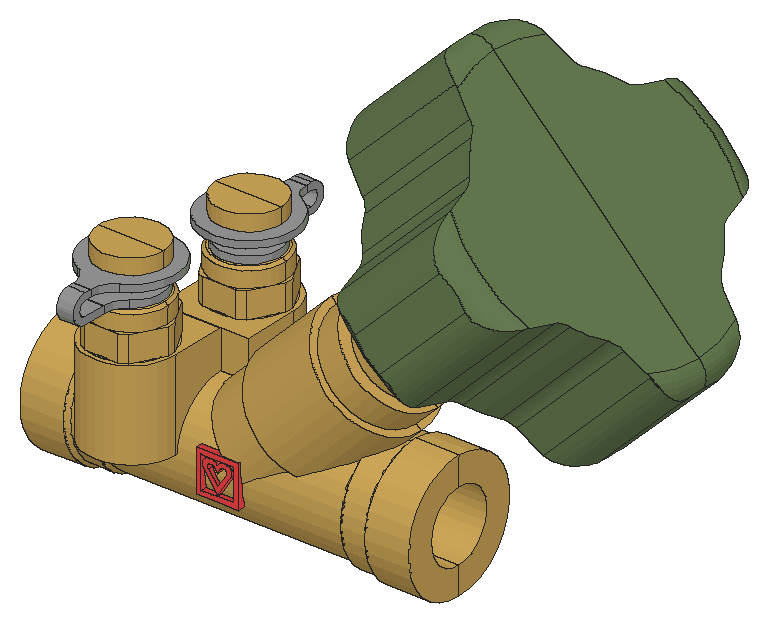
Revit family "Strangregulierventil mit Messblende für Trinkwasseranlagen 4017 MW", category Rohrzubehör, Revit 2018
Family settings
  Bemaßung runder Anschluss = Durchmesser verwenden
  Teiletyp = Unterbricht
  OmniClass-Nummer = 23.65.55.14
  OmniClass-Titel = Valves for Liquid Services
  Arbeitsebenenbasiert = Nein
  Immer vertikal = Ja
  Beim Laden mit Abzugskörper schneiden = Nein
  Gemeinsam genutzt = Nein
Parameters
  kvs-Wert [instance] = if(Nennweite = 15.000 mm, 2, if(Nennweite = 20.000 mm, 3.6, if(Nennweite = 25.000 mm, 6.5, if(Nennweite = 32.000 mm, 13.3, if(Nennweite = 40.000 mm, 18.5, if(Nennweite = 50.000 mm, 33, 0))))))  # 2
  kv-Wert der Blende [instance] = if(Nennweite = 15.000 mm, 1.95, if(Nennweite = 20.000 mm, 3.95, if(Nennweite = 25.000 mm, 7.9, if(Nennweite = 32.000 mm, 15.75, if(Nennweite = 40.000 mm, 21.5, if(Nennweite = 50.000 mm, 46.7, 0))))))  # 1.95
  W01 = 45.00°  # constant formula
  URL = "www.herz-armaturen.at"
  SW01 = 60.00°  # constant formula
  SCRNSEQ = "FW;SBT_TYP_FW=\"109\";2"
  SCRNCODE = "04;00;02"  # constant formula
  S03 = 60.000 mm  # constant formula
  S02 [instance] = L04 + L06 + L07  # 76.800 mm
  S01 [instance] = D01 * 2  # 27.000 mm
  R03 = 21.500 mm  # constant formula
  R02 = 9.500 mm  # constant formula
  R01 = 12.000 mm  # constant formula
  O-Ringe = "EPDM"  # constant formula
  Medium = "Trinkwasser"  # constant formula
  L10 [instance] = size_lookup("4017_MW_", "L10", 1.000 mm, Nennweite)  # 28.500 mm
  L09 [instance] = size_lookup("4017_MW_", "L9", 1.000 mm, Nennweite)  # 22.500 mm
  L08 [instance] = size_lookup("4017_MW_", "L8", 1.000 mm, Nennweite)  # 12.700 mm
  L07 [instance] = size_lookup("4017_MW_", "L7", 1.000 mm, Nennweite)  # 35.100 mm
  L06 [instance] = size_lookup("4017_MW_", "L6", 1.000 mm, Nennweite)  # 6.500 mm
  L05 [instance] = size_lookup("4017_MW_", "L5", 1.000 mm, Nennweite)  # 20.200 mm
  L04 [instance] = size_lookup("4017_MW_", "L4", 1.000 mm, Nennweite)  # 35.200 mm
  L03 [instance] = size_lookup("4017_MW_", "L3", 1.000 mm, Nennweite)  # 1.000 mm
  Hinweis = "Gemäß Art 33 der REACH-Verordnung (EG Nr. 1907/2006) sind wir verpflichtet, darauf hinzuweisen, dass der Stoff Blei auf der SVHC-Liste geführt wird und dass alle aus Messing bestehenden Bauteile, die in unseren Erzeugnissen verarbeitet sind, mehr als 0,1 % (w/w) Blei (CAS: 7439-92-1 / EINECS: 231-100-4) enthalten.\r\nDa Blei als Legierungsbestandteil fest gebunden ist, sind keine Expositionen zu erwarten und daher sind keine zusätzlichen Angaben zur sicheren Verwendung notwendig."
  Handrad = "Kunststoff, grün"  # constant formula
  H03 [instance] = H01 - 19.000 mm  # 1.000 mm
  H02 = 13.000 mm  # constant formula
  Gehäuse = "entzinkungsbeständiges Messing (DZR)"  # constant formula
  E01 [instance] = L00 / -2  # -41.500 mm
  E00 = 0.000 mm  # constant formula
  D09 [instance] = size_lookup("4017_MW_", "D9", 1.000 mm, Nennweite)  # 11.750 mm
  D08 [instance] = size_lookup("4017_MW_", "D8", 1.000 mm, Nennweite)  # 9.500 mm
  D07 [instance] = size_lookup("4017_MW_", "D7", 1.000 mm, Nennweite)  # 12.000 mm
  D06 [instance] = size_lookup("4017_MW_", "D6", 1.000 mm, Nennweite)  # 13.500 mm
  D05 [instance] = size_lookup("4017_MW_", "D5", 1.000 mm, Nennweite)  # 12.500 mm
  D04 [instance] = Nennweite / 2  # 7.500 mm
  IG [instance] = Nennweite / 2  # 7.500 mm
  D03 [instance] = size_lookup("4017_MW_", "D3", 1.000 mm, Nennweite)  # 11.900 mm
  D02 [instance] = size_lookup("4017_MW_", "D2", 1.000 mm, Nennweite)  # 12.700 mm
  D01 [instance] = size_lookup("4017_MW_", "D1", 1.000 mm, Nennweite)  # 13.500 mm
  Nennweite [instance] = 15.000 mm
  Max. Differenzdruck bei geschlossenen Sitz = 1000000.0 Pa  # constant formula
  Max. Betriebstemperatur bei 10 bar = 85 °C  # constant formula
  Max. Betriebsdruck bei 20°C = 2000000.0 Pa  # constant formula
  L02 [instance] = size_lookup("4017_MW_", "L2", 1.000 mm, Nennweite)  # 5.000 mm
  L01 [instance] = size_lookup("4017_MW_", "L1", 1.000 mm, Nennweite)  # 9.250 mm
  L00 [instance] = size_lookup("4017_MW_", "L", 1.000 mm, Nennweite)  # 83.000 mm
  Hersteller = "HERZ Armaturen Ges.m.b.H."  # constant formula
  H01 [instance] = size_lookup("4017_MW_", "H1", 1.000 mm, Nennweite)  # 20.000 mm
  GT [instance] = size_lookup("4017_MW_", "GT", 1.000 mm, Nennweite)  # 13.200 mm
  DN50 [instance] = Nennweite = 50.000 mm  # no
  DN40 [instance] = Nennweite = 40.000 mm  # no
  DN32 [instance] = Nennweite = 32.000 mm  # no
  DN25 [instance] = Nennweite = 25.000 mm  # no
  DN20 [instance] = Nennweite = 20.000 mm  # no
  DN15 [instance] = Nennweite = 15.000 mm  # yes
  Bestellnummer [instance] = size_lookup("4017_MW_", "Artnr", 0, Nennweite)  # 2401701
  Ausführung = "Nach Norm BS 7350 PN20 Serie B\r\nSchrägsitzregulierventil aus Kupferlegierung.\r\nAlle wasserberührten Metallteile sind aus entzinkungsbeständiger Kupferlegierung hergestellt.\r\nDie Oberteile sind mit nichtsteigender Spindel ausgestattet."
  Anwendungsgebiet = "Zum Absperren und Regulieren von Trinkwasseranlagen in Gebäuden bzw. zum hydraulischen Abgleich von Versorgungsleitungen."
Reference planes
  plane 1 "Mitte (Vorne/hinten)": y = 0
  plane 2: z = 0
  plane 3 "Mitte (Links/rechts)": x = 0
Forms (mm)
  Revolve 1, solid, material "Messing, weicher Gelbton, geschweißt", detail levels fine
    sketch origin (470, 0, 0) x (1, 0, 0) y (0, 0, 1)
      loop
        line (-511.5, 7.5) -> (-498.3, 7.5) -> (-498.3, 0) -> (-441.7, 0) -> (-441.7, 7.5) -> (-428.5, 7.5) -> (-428.5, 13.5) -> (-437.75, 13.5) -> (-438.55, 12.7) -> (-443.55, 12.7) -> (-444.35, 11.9) -> (-495.65, 11.9) -> (-496.45, 12.7) -> (-501.45, 12.7) -> (-502.25, 13.5) -> (-511.5, 13.5) -> (-511.5, 7.5)
      axis (-511.5, 0) -> (-428.5, 0)
    angle from 0 to 360
  Revolve 2, solid, material "Messing, weicher Gelbton, geschweißt", detail levels fine
    sketch origin (0.32, 0, -0.105) x (1, 0, 0) y (0, 0, 1)
      loop
        line (-1.32, 0.105) -> (52.986, 54.411) -> (44.677, 62.719) -> (35.697, 53.739) -> (37.288, 52.148) -> (21.449, 36.309) -> (19.681, 38.076) -> (15.085, 33.48) -> (14.024, 34.541) -> (-0.259, 20.257) -> (0.448, 19.55) -> (-7.098, 12.005) -> (-6.623, 5.408) -> (-1.32, 0.105)
      axis (-1.32, 0.105) -> (52.986, 54.411)
    angle from 0 to 360
  Extrusion 3, solid, material "Messing, weicher Gelbton, geschweißt", detail levels fine
    sketch origin (0, 0, 0) x (1, 0, 0) y (0, 1, 0)
      loop
        arc (-28.5, -12) -> (-19, -21.5) -> (-9.5, -12) r 9.5
        line (-9.5, -12) -> (-9.5, 0) -> (-28.5, 0) -> (-28.5, -12)
    from 1 <- "H03" to 20 <- "H01"
  Extrusion 4, solid, material "Messing, weicher Gelbton, geschweißt", detail levels fine
    sketch origin (0, 0, 0) x (1, 0, 0) y (0, 1, 0)
      loop
        line (-22.5, 12) -> (-22.5, 0) -> (-3.5, 0) -> (-3.5, 12)
        arc (-3.5, 12) -> (-13, 21.5) -> (-22.5, 12) r 9.5
    from 0 to 20 <- "H01"
Lines and regions (mm)
  model lines, detail levels coarse+medium
    curve 1: line (-41.5, 0, 13.5) -> (-41.5, 0, -13.5)
    curve 2: line (-41.5, 0, -13.5) -> (41.5, 0, 13.5)
    curve 3: line (41.5, 0, 13.5) -> (41.5, 0, -13.5)
    curve 4: line (41.5, 0, -13.5) -> (-41.5, 0, 13.5)
    curve 5: line (0, 0, 0) -> (38.4, 0, 66.511)
    curve 6: line (12.419, 0, 81.511) -> (64.381, 0, 51.511)
    curve 7: line (-41.5, -13.5, 0) -> (-41.5, 13.5, 0)
    curve 8: line (-41.5, 13.5, 0) -> (41.5, -13.5, 0)
    curve 9: line (41.5, -13.5, 0) -> (41.5, 13.5, 0)
    curve 10: line (41.5, 13.5, 0) -> (-41.5, -13.5, 0)
    curve 11: line (0, 0, 0) -> (38.4, 66.511, 0)
    curve 12: line (12.419, 81.511, 0) -> (64.381, 51.511, 0)
Dimensions and locks
  "L00": Revolve 1 sketch curve to Revolve 1 sketch curve
  equal spacing: Revolve 1 sketch curve, plane 3 "Mitte (Links/rechts)", Revolve 1 sketch curve
  "D01": Revolve 1 sketch curve to Revolve 1 sketch curve  (x2)
  "GT": Revolve 1 sketch curve to Revolve 1 sketch curve  (x2)
  "D06": Revolve 2 sketch curve to Revolve 2 sketch curve
  "D07": Revolve 2 sketch curve to Revolve 2 sketch curve
  "D08": Revolve 2 sketch curve to Revolve 2 sketch curve
  "D09": Revolve 2 sketch curve to Revolve 2 sketch curve
  equal spacing: curve 1, plane 3 "Mitte (Links/rechts)", curve 3
  "L00": curve 1 to curve 3
  equal spacing: curve 4, plane 2, curve 2
  "S01": curve 4 to curve 1
  "S01": curve 3 to curve 4
  equal spacing: curve 3, plane 2, curve 4
  "S02": curve 5 to curve 5
  equal spacing: curve 6, curve 5, curve 6
  "S03": curve 6 to curve 6
  equal spacing: curve 7, plane 3 "Mitte (Links/rechts)", curve 9
  "L00": curve 7 to curve 9
  equal spacing: curve 10, plane 1 "Mitte (Vorne/hinten)", curve 8
  "S01": curve 8 to curve 10
  equal spacing: curve 9, plane 1 "Mitte (Vorne/hinten)", curve 10
  "S01": curve 10 to curve 9
  "S02": curve 11 to curve 11
  equal spacing: curve 12, curve 11, curve 12
  "S03": curve 12 to curve 12
  "L01": Revolve 1 sketch curve to Revolve 1 sketch curve  (x2)
  "D02": Revolve 1 sketch curve to plane 2  (x2)
  "D03": Revolve 1 sketch curve to plane 2
  "IG": Revolve 1 sketch curve to plane 2  (x2)
  "L02": Revolve 1 sketch curve to Revolve 1 sketch curve  (x2)
  "L04": Revolve 2 sketch curve to Revolve 2 sketch curve
  "L05": Revolve 2 sketch curve to Revolve 2 sketch curve
  "D03": Revolve 2 sketch curve to plane 2
  "L06": Revolve 2 sketch curve to Revolve 2 sketch curve
  "L08": Revolve 2 sketch curve to Revolve 2 sketch curve
  "L07": Revolve 2 sketch curve to Revolve 2 sketch curve
  "D04": Revolve 2 sketch curve to Revolve 2 sketch curve
  "D05": Revolve 2 sketch curve to Revolve 2 sketch curve
  "L03": plane 3 "Mitte (Links/rechts)" to Revolve 2 sketch curve  (x2)
  "D03": nested 1 to plane 1 "Mitte (Vorne/hinten)"
  "L09": Revolve 1 to Extrusion 3 sketch curve
  "R01": Extrusion 3 sketch curve to plane 1 "Mitte (Vorne/hinten)"
  "R01": plane 1 "Mitte (Vorne/hinten)" to Extrusion 4 sketch curve
  "L10": Revolve 1 to Extrusion 4 sketch curve
  "H01": nested 3 to plane 2
  "H01": nested 2 to plane 2
  "R01": nested 3 to plane 1 "Mitte (Vorne/hinten)"
  "R01": plane 1 "Mitte (Vorne/hinten)" to nested 2
  "L10": Revolve 1 to nested 2
  "L09": Revolve 1 to nested 3
  "R02": radius of Extrusion 3 sketch curve
  "R02": radius of Extrusion 4 sketch curve
  "W01": angle level to Revolve 2 sketch curve
  "SW01": angle plane 2 to curve 5
  "SW01": angle plane 1 "Mitte (Vorne/hinten)" to curve 11
  "W01": angle Revolve 1 sketch curve to Revolve 1 sketch curve  (x4)
  "W01": angle plane 2 to Revolve 2 sketch curve
  aligned and locked: level to plane 2
Automatic sketch dimensions
  curve 5 to level = 0.000 mm
  plane 1 "Mitte (Vorne/hinten)" to curve 11 = 0.000 mm
  Revolve 1 sketch curve to level = 0.000 mm  (x2)
  Revolve 1 sketch curve to Revolve 1 sketch curve = 791.990 mm
  Revolve 1 sketch curve to Revolve 1 sketch curve = 2278.983 mm
  Revolve 2 sketch curve to level = 0.000 mm  (x2)
  plane 1 "Mitte (Vorne/hinten)" to Extrusion 3 sketch curve = 0.000 mm
  plane 1 "Mitte (Vorne/hinten)" to Extrusion 4 sketch curve = 0.000 mm
Nested families
  nested 1: "Herz-Logo-vorne" at (0, -11.9, 0) x (0, 1, 0) z (0, 0, 1), type "Herz-Logo-vorne", detail levels fine
  nested 2: "Messstutzen_Band_Austritt_senkrecht_(oben)" at (-13, 12, 2.5), type "Messstutzen_Band_Austritt_senkrecht_(oben)"
    with Schutzkappe yes, Nennweite 0.000 mm, Gewicht 0.00 kg, Bestellnummer 0
  nested 3: "Messstutzen_Band_Eintritt_senkrecht_(oben)" at (-19, -12, 2.5) x (-1, 0, 0) z (0, 0, 1), type "Messstutzen_Band_Eintritt_senkrecht_(oben)"
    with Schutzkappe yes, Nennweite 0.000 mm, Gewicht 0.00 kg, Bestellnummer 0
  nested 4: "Strangregulierventil-Handrad (Grün) DN15-DN32" at (53.306, 0, 54.306), visible <- "DN15", type "Strangregulierventil-Handrad (Grün) DN15-DN32"
    with Nennweite 0.000 mm, Gewicht 0.00 kg, Bestellnummer 0
  nested 5: "Strangregulierventil-Handrad (Grün) DN15-DN32" at (55.846, 0, 56.846), visible <- "DN20", type "Strangregulierventil-Handrad (Grün) DN15-DN32"
    with Nennweite 0.000 mm, Gewicht 0.00 kg, Bestellnummer 0
  nested 6: "Strangregulierventil-Handrad (Grün) DN15-DN32" at (64.569, 0, 70.069), visible <- "DN25", type "Strangregulierventil-Handrad (Grün) DN15-DN32"
    with Nennweite 0.000 mm, Gewicht 0.00 kg, Bestellnummer 0
  nested 7: "Strangregulierventil-Handrad (Grün) DN15-DN32" at (67.426, 0, 76.226), visible <- "DN32", type "Strangregulierventil-Handrad (Grün) DN15-DN32"
    with Nennweite 0.000 mm, Gewicht 0.00 kg, Bestellnummer 0
  nested 8: "Strangregulierventil-Handrad (Grün) DN40-DN50" at (76.747, 0, 88.247), visible <- "DN40", type "Strangregulierventil-Handrad (Grün) DN40-DN50"
    with Nennweite 0.000 mm, Gewicht 0.00 kg, Bestellnummer 0
  nested 9: "Strangregulierventil-Handrad (Grün) DN40-DN50" at (75.124, 0, 91.924), visible <- "DN50", type "Strangregulierventil-Handrad (Grün) DN40-DN50"
    with Nennweite 0.000 mm, Gewicht 0.00 kg, Bestellnummer 0
Connectors
  piping at (-28.3, 0, 0), diameter 15, driven by "Nennweite"
    settings: on Revolve 1, index 1, connector inside diameter 609.6 mm, connector length 0.000 mm, flow factor 0, pipe flow 0.0 L/s, pressure drop 0.0 Pa, fitting loss kfactor 0, connector angle 0.00°, fixture units 0, engagement length 0.000 mm, angle of deflection 0.00°, flow configuration 0, flow direction 1, fitting loss method 0, system type 29, joint type 0, gender type 0, connector reference index -1, connector utility 0, adjustable connector no, is connector primary yes, connector description ""
  piping at (28.3, 0, 0), diameter 15, driven by "Nennweite"
    settings: on Revolve 1, index 2, connector inside diameter 609.6 mm, connector length 0.000 mm, flow factor 0, pipe flow 0.0 L/s, pressure drop 0.0 Pa, fitting loss kfactor 0, connector angle 0.00°, fixture units 0, engagement length 0.000 mm, angle of deflection 0.00°, flow configuration 0, flow direction 2, fitting loss method 0, system type 29, joint type 0, gender type 0, connector reference index -1, connector utility 0, adjustable connector no, is connector primary no, connector description ""
Definition of nested family "Herz-Logo-vorne"
  Reference planes
    plane 1 "Mitte (Vorne/hinten)": y = 0
    plane 2: z = 0
    plane 3 "Mitte (Links/rechts)": x = 0
  Forms (mm)
    Extrusion 1, solid
      sketch origin (0.732, -0.018, 0.017) x (0, -1, 0) y (0, 0, 1)
        loop
          line (-0.018, -4.517) -> (4.482, -4.517) -> (4.482, 4.483) -> (-4.518, 4.483) -> (-4.518, -4.517) -> (-0.018, -4.517)
        loop
          line (-0.05, -3.48) -> (3.482, -3.48) -> (3.482, 3.483) -> (-3.518, 3.483) -> (-3.518, -3.48) -> (-0.05, -3.48)
        loop
          arc (-0.018, 2.383) -> (-1.543, 3.287) -> (-3.067, 2.383) r 1.738
          arc (-3.067, 2.383) -> (-3.191, 1.899) -> (-3.067, 1.415) r 1.009
          line (-3.067, 1.415) -> (-0.018, -3.281) -> (3.032, 1.415)
          arc (3.032, 1.415) -> (3.156, 1.899) -> (3.032, 2.383) r 1.009
          arc (3.032, 2.383) -> (1.507, 3.287) -> (-0.018, 2.383) r 1.738
        loop
          arc (1.885, 1.272) -> (2.005, 1.675) -> (1.885, 2.079) r 0.74
          arc (1.885, 2.079) -> (1.265, 2.416) -> (0.644, 2.079) r 0.74
          line (0.644, 2.079) -> (-0.018, 0.97) -> (-0.679, 2.079)
          arc (-0.679, 2.079) -> (-1.3, 2.416) -> (-1.921, 2.079) r 0.74
          arc (-1.921, 2.079) -> (-2.04, 1.675) -> (-1.921, 1.272) r 0.74
          line (-1.921, 1.272) -> (-0.018, -1.658) -> (1.885, 1.272)
      from 0 to 1.5
  Dimensions and locks
    aligned and locked: level to plane 2
Definition of nested family "Messstutzen_Band_Austritt_senkrecht_(oben)"
  Parameters (values of type "Messstutzen_Band_Austritt_senkrecht_(oben)")
    URL = "www.herz-armaturen.at"
    Schutzkappe [instance] = yes
    Nennweite [instance] = 0.000 mm
    Manufacturer = "Herz Armaturen GmbH"  # constant formula
    Gewicht [instance] = 0.00 kg
    Bestellnummer [instance] = 0
  Reference planes
    plane 1 "Mitte (Vorne/hinten)": y = 0
    plane 2: z = 0
    plane 3 "Mitte (Links/rechts)": x = 0
    plane 4 "Schlaufe 1": z = -27
    plane 5 "Schlaufe 2": z = -31.678
  Forms (mm)
    Revolve 1, solid, detail levels fine
      sketch origin (0, 0, 0) x (1, 0, 0) y (0, 0, 1)
        loop
          line (-7.4, 9) -> (-5.55, 9) -> (-5.55, 6)
          arc (-5.55, 6) -> (-5.626, 5.617) -> (-5.843, 5.293) r 1
          line (-5.843, 5.293) -> (-6.455, 4.681) -> (-6.455, 0.9) -> (-5.555, 0) -> (-2, 0) -> (-2, 17.5) -> (-8.4, 17.5)
          arc (-8.4, 17.5) -> (-7.693, 17.207) -> (-7.4, 16.5) r 1
          line (-7.4, 16.5) -> (-7.4, 9)
        loop
          line (-3.7, 27) -> (-7.3, 27) -> (-7.9, 26.4) -> (-7.9, 23) -> (-2, 23) -> (-2, 35.8) -> (-3.805, 35.8) -> (-4.415, 35.19) -> (-4.415, 30.863) -> (-3.7, 30.45) -> (-3.7, 27)
        axis (0, 0) -> (0, 35.8)
      angle from 0 to 360
    Extrusion 2, solid, detail levels fine
      sketch origin (0, 0, 17.5) x (0, 1, 0) y (-1, 0, 0)
        loop
          arc (-7.07, 5.156) -> (-7.578, 4.375) -> (-8, 3.544) r 8.75
          line (-8, 3.544) -> (-8, -3.544)
          arc (-8, -3.544) -> (-7.578, -4.375) -> (-7.07, -5.156) r 8.75
          line (-7.07, -5.156) -> (-0.93, -8.7)
          arc (-0.93, -8.7) -> (0, -8.75) -> (0.93, -8.7) r 8.75
          line (0.93, -8.7) -> (7.07, -5.156)
          arc (7.07, -5.156) -> (7.578, -4.375) -> (8, -3.544) r 8.75
          line (8, -3.544) -> (8, 3.544)
          arc (8, 3.544) -> (7.578, 4.375) -> (7.07, 5.156) r 8.75
          line (7.07, 5.156) -> (0.93, 8.7)
          arc (0.93, 8.7) -> (0, 8.75) -> (-0.93, 8.7) r 8.75
          line (-0.93, 8.7) -> (-7.07, 5.156)
      from 0 to 5.5
    Revolve 3, solid, visible <- "Schutzkappe", detail levels fine
      sketch origin (0, 0, 0) x (1, 0, 0) y (0, 0, 1)
        loop
          line (0, 35.878) -> (0, 36.678) -> (-7, 36.678) -> (-7, 33.378) -> (-6.1, 33.378) -> (-6.1, 31.678) -> (-6.9, 31.678) -> (-6.9, 30.178) -> (-4.415, 30.178) -> (-4.415, 35.268) -> (-3.805, 35.878) -> (0, 35.878)
        axis (0, 30.178) -> (0, 36.678)
      angle from 0 to 360
    Extrusion 4, solid, detail levels fine
      sketch origin (0, 0, 28.5) x (1, 0, 0) y (0, 1, 0)
        loop
          circle (0, 0) r 3.7
        loop
          arc (-3.906, 5.505) -> (0, -6.75) -> (3.906, 5.505) r 6.75
          arc (3.906, 5.505) -> (2.358, 7.288) -> (1.8, 9.582) r 5
          line (1.8, 9.582) -> (-1.8, 9.582)
          arc (-1.8, 9.582) -> (-2.358, 7.288) -> (-3.906, 5.505) r 5
      from 0 to -1.5
    Extrusion 5, solid, detail levels fine
      sketch origin (0, 0, 33.178) x (1, 0, 0) y (0, 1, 0)
        loop
          circle (0, 0) r 6.1
        loop
          arc (-4.495, 8.652) -> (0, -9.75) -> (4.495, 8.652) r 9.75
          arc (4.495, 8.652) -> (2.527, 10.493) -> (1.8, 13.089) r 5
          line (1.8, 13.089) -> (-1.8, 13.089)
          arc (-1.8, 13.089) -> (-2.527, 10.493) -> (-4.495, 8.652) r 5
      from 0 to -1.5
    Sweep 6, solid, detail levels fine
      path origin (0, 0, 0) x (0, 0, -1) y (0, -1, 0)
        loop
          line (-27.75, -9.582) -> (-27.75, -14.522)
          arc (-27.75, -14.522) -> (-30.089, -16.862) -> (-32.428, -14.522) r 2.339
          line (-32.428, -14.522) -> (-32.428, -13.089)
      profile origin (0, 12.052, 27.75) x (0, 0, 1) y (1, 0, 0)
        loop
          line (-0.75, -1.8) -> (0.75, -1.8) -> (0.75, 1.8) -> (-0.75, 1.8) -> (-0.75, -1.8)
  Dimensions and locks
    aligned and locked: level to plane 2
Definition of nested family "Messstutzen_Band_Eintritt_senkrecht_(oben)"
  Parameters (values of type "Messstutzen_Band_Eintritt_senkrecht_(oben)")
    URL = "www.herz-armaturen.at"
    Schutzkappe [instance] = yes
    Nennweite [instance] = 0.000 mm
    Manufacturer = "Herz Armaturen GmbH"  # constant formula
    Gewicht [instance] = 0.00 kg
    Bestellnummer [instance] = 0
  Reference planes
    plane 1 "Mitte (Vorne/hinten)": y = 0
    plane 2: z = 0
    plane 3 "Mitte (Links/rechts)": x = 0
    plane 4 "Schlaufe 1": z = -27
    plane 5 "Schlaufe 2": z = -31.678
  Forms (mm)
    Revolve 1, solid, detail levels fine
      sketch origin (0, 0, 0) x (1, 0, 0) y (0, 0, 1)
        loop
          line (-7.4, 9) -> (-5.55, 9) -> (-5.55, 6)
          arc (-5.55, 6) -> (-5.626, 5.617) -> (-5.843, 5.293) r 1
          line (-5.843, 5.293) -> (-6.455, 4.681) -> (-6.455, 0.9) -> (-5.555, 0) -> (-2, 0) -> (-2, 17.5) -> (-8.4, 17.5)
          arc (-8.4, 17.5) -> (-7.693, 17.207) -> (-7.4, 16.5) r 1
          line (-7.4, 16.5) -> (-7.4, 9)
        loop
          line (-3.7, 27) -> (-7.3, 27) -> (-7.9, 26.4) -> (-7.9, 23) -> (-2, 23) -> (-2, 35.8) -> (-3.805, 35.8) -> (-4.415, 35.19) -> (-4.415, 30.863) -> (-3.7, 30.45) -> (-3.7, 27)
        axis (0, 0) -> (0, 35.8)
      angle from 0 to 360
    Extrusion 2, solid, detail levels fine
      sketch origin (0, 0, 17.5) x (0, 1, 0) y (-1, 0, 0)
        loop
          arc (-7.07, 5.156) -> (-7.578, 4.375) -> (-8, 3.544) r 8.75
          line (-8, 3.544) -> (-8, -3.544)
          arc (-8, -3.544) -> (-7.578, -4.375) -> (-7.07, -5.156) r 8.75
          line (-7.07, -5.156) -> (-0.93, -8.7)
          arc (-0.93, -8.7) -> (0, -8.75) -> (0.93, -8.7) r 8.75
          line (0.93, -8.7) -> (7.07, -5.156)
          arc (7.07, -5.156) -> (7.578, -4.375) -> (8, -3.544) r 8.75
          line (8, -3.544) -> (8, 3.544)
          arc (8, 3.544) -> (7.578, 4.375) -> (7.07, 5.156) r 8.75
          line (7.07, 5.156) -> (0.93, 8.7)
          arc (0.93, 8.7) -> (0, 8.75) -> (-0.93, 8.7) r 8.75
          line (-0.93, 8.7) -> (-7.07, 5.156)
      from 0 to 5.5
    Revolve 3, solid, visible <- "Schutzkappe", detail levels fine
      sketch origin (0, 0, 0) x (1, 0, 0) y (0, 0, 1)
        loop
          line (0, 35.878) -> (0, 36.678) -> (-7, 36.678) -> (-7, 33.378) -> (-6.1, 33.378) -> (-6.1, 31.678) -> (-6.9, 31.678) -> (-6.9, 30.178) -> (-4.415, 30.178) -> (-4.415, 35.268) -> (-3.805, 35.878) -> (0, 35.878)
        axis (0, 30.178) -> (0, 36.678)
      angle from 0 to 360
    Extrusion 4, solid, detail levels fine
      sketch origin (0, 0, 28.5) x (1, 0, 0) y (0, 1, 0)
        loop
          circle (0, 0) r 3.7
        loop
          arc (-3.906, 5.505) -> (0, -6.75) -> (3.906, 5.505) r 6.75
          arc (3.906, 5.505) -> (2.358, 7.288) -> (1.8, 9.582) r 5
          line (1.8, 9.582) -> (-1.8, 9.582)
          arc (-1.8, 9.582) -> (-2.358, 7.288) -> (-3.906, 5.505) r 5
      from 0 to -1.5
    Extrusion 5, solid, detail levels fine
      sketch origin (0, 0, 33.178) x (1, 0, 0) y (0, 1, 0)
        loop
          circle (0, 0) r 6.1
        loop
          arc (-4.495, 8.652) -> (0, -9.75) -> (4.495, 8.652) r 9.75
          arc (4.495, 8.652) -> (2.527, 10.493) -> (1.8, 13.089) r 5
          line (1.8, 13.089) -> (-1.8, 13.089)
          arc (-1.8, 13.089) -> (-2.527, 10.493) -> (-4.495, 8.652) r 5
      from 0 to -1.5
    Sweep 6, solid, detail levels fine
      path origin (0, 0, 0) x (0, 0, -1) y (0, -1, 0)
        loop
          line (-27.75, -9.582) -> (-27.75, -14.522)
          arc (-27.75, -14.522) -> (-30.089, -16.862) -> (-32.428, -14.522) r 2.339
          line (-32.428, -14.522) -> (-32.428, -13.089)
      profile origin (0, 12.052, 27.75) x (0, 0, 1) y (1, 0, 0)
        loop
          line (-0.75, -1.8) -> (0.75, -1.8) -> (0.75, 1.8) -> (-0.75, 1.8) -> (-0.75, -1.8)
  Dimensions and locks
    aligned and locked: level to plane 2
Definition of nested family "Strangregulierventil-Handrad (Grün) DN15-DN32"
  Parameters (values of type "Strangregulierventil-Handrad (Grün) DN15-DN32")
    URL = "www.herz-armaturen.at"
    Nennweite [instance] = 0.000 mm
    Manufacturer = "Herz Armaturen GmbH"  # constant formula
    Gewicht [instance] = 0.00 kg
    Bestellnummer [instance] = 0
  Reference planes
    plane 1 "Mitte (Vorne/hinten)": y = 0
    plane 2: z = 0
    plane 3 "Mitte (Links/rechts)": x = 0
  Forms (mm)
    Revolve 1, solid, detail levels fine
      sketch origin (0, 0, 0) x (0.707107, 0, -0.707107) y (0.707107, 0, 0.707107)
        loop
          line (0, 0) -> (0, 24.95) -> (-30.992, 24.95)
          arc (-30.992, 24.95) -> (-34.37, 23.636) -> (-35.973, 20.386) r 5
          line (-35.973, 20.386) -> (-37, 8.65) -> (-35.986, -2.936)
          arc (-35.986, -2.936) -> (-34.383, -6.186) -> (-31.005, -7.5) r 5
          line (-31.005, -7.5) -> (-15, -7.5) -> (-15, 0) -> (0, 0)
        axis (0, 24.95) -> (0, -7.5)
      angle from 0 to 360
    Extrusion 2, void
      sketch origin (14.354, 0, 14.354) x (0.707107, 0, -0.707107) y (0, 1, 0)
        loop
          line (3.861, 35.5) -> (-3.861, 35.5)
          arc (-3.861, 35.5) -> (-8.731, 33.847) -> (-11.589, 29.571) r 8
          line (-11.589, 29.571) -> (-13.284, 23.245)
          arc (-13.284, 23.245) -> (-13.982, 21.722) -> (-15.144, 20.516) r 5
          arc (-15.144, 20.516) -> (-18.031, 18.031) -> (-20.516, 15.144) r 25.5
          arc (-20.516, 15.144) -> (-21.722, 13.982) -> (-23.245, 13.284) r 5
          line (-23.245, 13.284) -> (-29.571, 11.589)
          arc (-29.571, 11.589) -> (-33.847, 8.731) -> (-35.5, 3.861) r 8
          line (-35.5, 3.861) -> (-35.5, -3.861)
          arc (-35.5, -3.861) -> (-33.847, -8.731) -> (-29.571, -11.589) r 8
          line (-29.571, -11.589) -> (-23.245, -13.284)
          arc (-23.245, -13.284) -> (-21.722, -13.982) -> (-20.516, -15.144) r 5
          arc (-20.516, -15.144) -> (-18.031, -18.031) -> (-15.144, -20.516) r 25.5
          arc (-15.144, -20.516) -> (-13.982, -21.722) -> (-13.284, -23.245) r 5
          line (-13.284, -23.245) -> (-11.589, -29.571)
          arc (-11.589, -29.571) -> (-8.731, -33.847) -> (-3.861, -35.5) r 8
          line (-3.861, -35.5) -> (3.861, -35.5)
          arc (3.861, -35.5) -> (8.731, -33.847) -> (11.589, -29.571) r 8
          line (11.589, -29.571) -> (13.284, -23.245)
          arc (13.284, -23.245) -> (13.982, -21.722) -> (15.144, -20.516) r 5
          arc (15.144, -20.516) -> (18.031, -18.031) -> (20.516, -15.144) r 25.5
          arc (20.516, -15.144) -> (21.722, -13.982) -> (23.245, -13.284) r 5
          line (23.245, -13.284) -> (29.571, -11.589)
          arc (29.571, -11.589) -> (33.847, -8.731) -> (35.5, -3.861) r 8
          line (35.5, -3.861) -> (35.5, 3.861)
          arc (35.5, 3.861) -> (33.847, 8.731) -> (29.571, 11.589) r 8
          line (29.571, 11.589) -> (23.245, 13.284)
          arc (23.245, 13.284) -> (21.722, 13.982) -> (20.516, 15.144) r 5
          arc (20.516, 15.144) -> (18.031, 18.031) -> (15.144, 20.516) r 25.5
          arc (15.144, 20.516) -> (13.982, 21.722) -> (13.284, 23.245) r 5
          line (13.284, 23.245) -> (11.589, 29.571)
          arc (11.589, 29.571) -> (8.731, 33.847) -> (3.861, 35.5) r 8
        loop
          circle (0, 0) r 38
      from -31.266 to 7.923
  Cuts and joins
    Extrusion 2 cuts Revolve 1
  Dimensions and locks
    Revolve 1 sketch curve to Revolve 1 sketch curve = 15.000 mm
    Revolve 1 sketch curve to Revolve 1 sketch curve = 16.150 mm
    Revolve 1 sketch curve to Revolve 1 sketch curve = 16.300 mm
    angle Revolve 1 sketch curve to Revolve 1 sketch curve = 95.00°
    aligned and locked: level to plane 2
Definition of nested family "Strangregulierventil-Handrad (Grün) DN40-DN50"
  Parameters (values of type "Strangregulierventil-Handrad (Grün) DN40-DN50")
    URL = "www.herz-armaturen.at"
    Nennweite [instance] = 0.000 mm
    Manufacturer = "Herz Armaturen GmbH"  # constant formula
    Gewicht [instance] = 0.00 kg
    Bestellnummer [instance] = 0
  Reference planes
    plane 1 "Mitte (Vorne/hinten)": y = 0
    plane 2: z = 0
    plane 3 "Mitte (Links/rechts)": x = 0
  Forms (mm)
    Revolve 1, solid, detail levels fine
      sketch origin (0, 0, 0) x (0.707107, 0, -0.707107) y (0.707107, 0, 0.707107)
        loop
          line (0, 0) -> (0, 24.95) -> (-50.992, 24.95)
          arc (-50.992, 24.95) -> (-54.37, 23.636) -> (-55.973, 20.386) r 5
          line (-55.973, 20.386) -> (-57, 8.65) -> (-55.986, -2.936)
          arc (-55.986, -2.936) -> (-54.383, -6.186) -> (-51.005, -7.5) r 5
          line (-51.005, -7.5) -> (-15, -7.5) -> (-15, 0) -> (0, 0)
        axis (0, 24.95) -> (0, -7.5)
      angle from 0 to 360
    Extrusion 2, void
      sketch origin (14.354, 0, 14.354) x (0.707107, 0, -0.707107) y (0, 1, 0)
        loop
          line (-55, 6.292) -> (-55, -6.292)
          arc (-55, -6.292) -> (-52.52, -13.597) -> (-46.106, -17.883) r 12
          line (-46.106, -17.883) -> (-35.399, -20.752)
          arc (-35.399, -20.752) -> (-33.541, -21.612) -> (-32.08, -23.047) r 6
          arc (-32.08, -23.047) -> (-27.931, -27.931) -> (-23.047, -32.08) r 39.5
          arc (-23.047, -32.08) -> (-21.612, -33.541) -> (-20.752, -35.399) r 6
          line (-20.752, -35.399) -> (-17.883, -46.106)
          arc (-17.883, -46.106) -> (-13.597, -52.52) -> (-6.292, -55) r 12
          line (-6.292, -55) -> (6.292, -55)
          arc (6.292, -55) -> (13.597, -52.52) -> (17.883, -46.106) r 12
          line (17.883, -46.106) -> (20.752, -35.399)
          arc (20.752, -35.399) -> (21.612, -33.541) -> (23.047, -32.08) r 6
          arc (23.047, -32.08) -> (27.931, -27.931) -> (32.08, -23.047) r 39.5
          arc (32.08, -23.047) -> (33.541, -21.612) -> (35.399, -20.752) r 6
          line (35.399, -20.752) -> (46.106, -17.883)
          arc (46.106, -17.883) -> (52.52, -13.597) -> (55, -6.292) r 12
          line (55, -6.292) -> (55, 6.292)
          arc (55, 6.292) -> (52.52, 13.597) -> (46.106, 17.883) r 12
          line (46.106, 17.883) -> (35.399, 20.752)
          arc (35.399, 20.752) -> (33.541, 21.612) -> (32.08, 23.047) r 6
          arc (32.08, 23.047) -> (27.931, 27.931) -> (23.047, 32.08) r 39.5
          arc (23.047, 32.08) -> (21.612, 33.541) -> (20.752, 35.399) r 6
          line (20.752, 35.399) -> (17.883, 46.106)
          arc (17.883, 46.106) -> (13.597, 52.52) -> (6.292, 55) r 12
          line (6.292, 55) -> (-6.292, 55)
          arc (-6.292, 55) -> (-13.597, 52.52) -> (-17.883, 46.106) r 12
          line (-17.883, 46.106) -> (-20.752, 35.399)
          arc (-20.752, 35.399) -> (-21.612, 33.541) -> (-23.047, 32.08) r 6
          arc (-23.047, 32.08) -> (-27.931, 27.931) -> (-32.08, 23.047) r 39.5
          arc (-32.08, 23.047) -> (-33.541, 21.612) -> (-35.399, 20.752) r 6
          line (-35.399, 20.752) -> (-46.106, 17.883)
          arc (-46.106, 17.883) -> (-52.52, 13.597) -> (-55, 6.292) r 12
        loop
          circle (0, 0) r 60
      from -31.161 to 7.489
  Cuts and joins
    Extrusion 2 cuts Revolve 1
  Dimensions and locks
    Revolve 1 sketch curve to Revolve 1 sketch curve = 15.000 mm
    Revolve 1 sketch curve to Revolve 1 sketch curve = 16.150 mm
    Revolve 1 sketch curve to Revolve 1 sketch curve = 16.300 mm
    Revolve 1 sketch curve to Revolve 1 sketch curve = 57.000 mm
    angle Revolve 1 sketch curve to Revolve 1 sketch curve = 95.00°
    aligned and locked: level to plane 2
